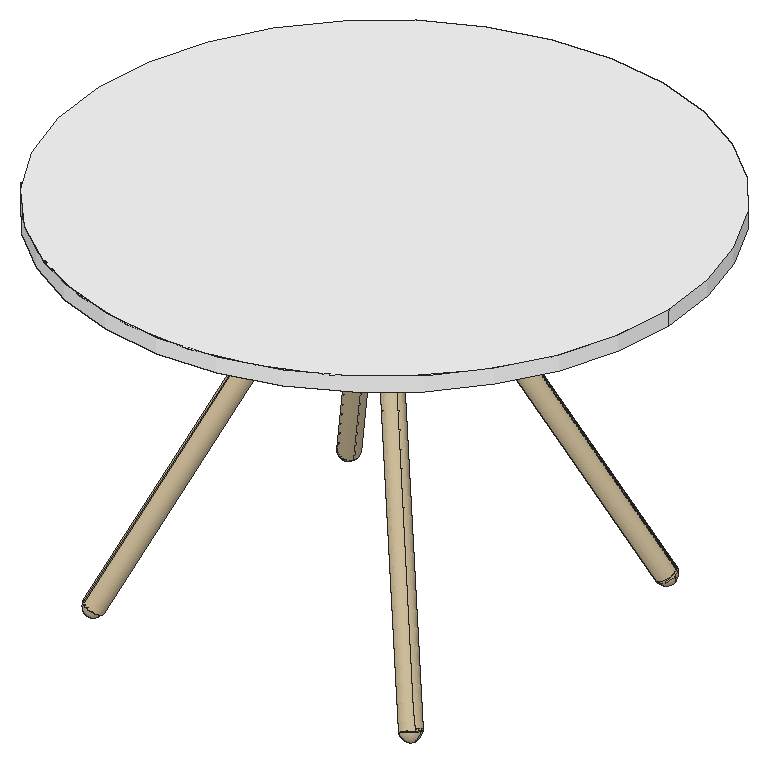
Revit family "Forniture_Tables_Plank_Mart-Table-Round-h-73", category Furniture, host Face, Revit 2017
Family settings
  Host = Face
  Cut with Voids When Loaded = No
  Shared = No
  Room Calculation Point = No
Parameters (values of type "Mart Table Round-Mod. 9835-01 (⌀ 120cm)")
  raggio table = 600 mm
  Youtube clip = ""
  Weight Net (Kg) = "0"
  Uniformat II Description = "Movable Furnishings"
  Uniformat II Code = "E2020"
  Uniclass 2015 Name = "Furnishings"
  Uniclass 2015 Code = "EF_40_30"
  Uniclass 2.0 Description = "Fittings, Furnishings And Equipment (Ff&E) And Signage Elements"
  Uniclass 2.0 Code = "EE-35"
  Uniclass 1.4 Description = "Furniture/Equipment"
  Uniclass 1.4 Code = "JN"
  URL = "https://www.plank.it/en/products/"
  UNSPSC Code = "56"
  Technical description = "https://www.plank.it/en/products/tables/mart-table-round/"
  Table top = plank -White plastic
  Table base = Plank-Frassino
  Region South America = "AR, BO, BR, CL, CO, EC, FK, GF, GY, PE, PY, SR, UY, VE"
  Region Oceania = "AS, AU, CK, FJ, FM, GU, KI, MH, MP, NC, NF, NR, NU, NZ, PF, PG, PN, PW, SB, TK, TL, TO, TV, UM, WF, WS, VU"
  Region North America = "AG, AI, AW, BB, BL, BM, BQ, BS, BZ, CA, CR, CU, CW, DM, DO, GD, GL, GP, GT, HN, HT, JM, KN, KY, LC, MF, MQ, MS, MX, NI, PA, PM, PR, SV, SX, TC, TT, US, VC, VG, VI"
  Region Middle East = "AE, AF, BH, EG, IL, IQ, IR, JO, KW, LB, OM, PS, QA, SA, SY, TR, YE"
  Region Europe = "AD, AL, AT, AX, BA, BE, BG, BY, CH, CY, CZ, DE, DK, EE, ES, FI, FO, FR, GB, GG, GI, GR, HR, HU, IE, IM, IS, IT, JE, LI, LT, LU, LV, MC, MD, ME, MK, MT, NL, NO, PL, PT, RO, RS, RU, SE, SI, SJ, SK, SM, UA, VA"
  Region Asia = "AM, AZ, BD, BN, BT, CC, CN, CX, GE, HK, ID, IN, IO, JP, KG, KH, KP, KR, KZ, LA, LK, MM, MN, MO, MV, MY, NP, PH, PK, SG, TH, TJ, TM, TW, UZ, VN"
  Region Antarctica = "AQ, BV, GS, HM, TF"
  Region Africa = "AO, BF, BI, BJ, BW, CD, CF, CG, CI, CM, CV, DJ, DZ, EH, ER, ET, GA, GH, GM, GN, GQ, GW, KE, KM, LR, LS, LY, MA, MG, ML, MR, MU, MW, MZ, NA, NE, NG, RE, RW, SC, SD, SH, SL, SN, SO, SS, ST, SZ, TD, TG, TN, TZ, UG, YT, ZA, ZM, ZW"
  QR code = "http://bimobject.com/plank/product/Mart-Table-Round-h-73"
  Product url = "https://www.plank.it/en/products/tables/mart-table-round/"
  Product group = "Table "
  Product family = "Mart "
  Product data url = "https://bimobject.com/plank/product/Mart-Table-Round-h-73"
  Product certification = ""
  Product SKU = "Mart-Table-Round-h-73"
  Product Guid = "839c8401-24bc-4822-aa6f-0405cfce8a78"
  OmniClass Description = "Furnishings, Fixtures and Equipment Products"
  OmniClass Code = "23-21 00 00"
  Nominal width = 0 mm
  Nominal height = 730 mm
  NBS Reference Description = "Fittings, Furnishings And Equipment (Ff&E) Products"
  NBS Reference Code = "31"
  Material secondary = "Laminate"
  Material main = "Aluminium"
  Masterformat 2014 Description = "Furnishings"
  Masterformat 2014 Code = "12 00 00"
  Manufacturer name = "PLANK"
  Manufacturer country = "Italy"
  Installation instructions = ""
  IFC Classification = "Furnishing Element"
  Edition number = 1
  EAN code = ""
  Design country = "Italy"
  Default Elevation = 1219.2 mm
  Manufacturer = "Plank S.r.l.\r\nVia Nazionale, 35\r\nI-39040 Ora (BZ)\r\nTel. +39 0471 803 500\r\nFax +39 0471 803 599"
  Model = "Mart Table Round-Mod. 9835-01 (⌀ 120cm)"
  Link modell = "https://www.plank.it/en/products/tables/mart-table-round/"
  Date of publishing = ""
  Coupling = Plank- White
  COBIe Type Category = ""
  Brand url = "http://www.plank.it"
  BIMobject main category code = "furniture"
  BIMobject main category = "Furniture"
  BIMobject category code = "furniture-tables"
  BIMobject category = "Tables"
Types (3, lengths in mm): name | raggio table | URL | Model | Link modell
  (no name) | 600 | "https://www.plank.it/en/products/" | "Mart Table Round-Mod. 9835-01 (⌀ 120cm)" | "https://www.plank.it/en/products/tables/mart-table-round/"
  Mart Table Ruond-Mod. 9834-01 (⌀ 110cm) | 550 | "https://www.plank.it/it/prodotti/" | "Mart Table Ruond-Mod. 9834-01 (⌀ 110cm)" | "https://www.plank.it/it/prodotti/tavoli/mart-table-round/"
  Mart Table Round-Mod. 9835-01 (⌀ 120cm) | 600 | "https://www.plank.it/en/products/" | "Mart Table Round-Mod. 9835-01 (⌀ 120cm)" | "https://www.plank.it/en/products/tables/mart-table-round/"
Reference planes
  plane 1 "Centro (Fronte/Retro)": y = 0
  plane 2: z = 0
  plane 3 "Centro (Sinistra/Destra)": x = 0
Forms (mm)
  Sweep 1, solid, material "Plank-Frassino" <- "Table base"
    path origin (-7.816, -141.09, 4.673) x (0.858566, 0.512691, 0.0036) y (-0.077961, 0.123609, 0.989264)
      loop
        line (-379.785, 10.696) -> (31.037, 737.642)
    profile origin (-186.698, -184.24, 374.197) x (-0.785819, -0.38553, 0.483585) y (0.506742, -0.849629, 0.146097)
      loop
        circle (0, 0) r 17
      loop
        circle (0, 0) r 20
  Revolve 2, solid, material "Plank-Frassino" <- "Table base"
    sketch origin (-24.284, -394.042, -160.717) x (0.882948, -0.152845, -0.443894) y (0.469472, 0.28746, 0.834843)
      loop
        line (-364.042, -0.301) -> (-364.042, 2.843)
        arc (-364.042, 2.843) -> (-373.278, 9.074) -> (-378.03, 19.151) r 21.014
        line (-378.03, 19.151) -> (-381.07, 19.151)
        arc (-381.07, 19.151) -> (-375.397, 6.938) -> (-364.042, -0.301) r 24.014
      axis (-361.095, 19.151) -> (-361.095, -0.301)
    angle from 0 to 360
  Sweep 3, solid, material "Plank-Frassino" <- "Table base"
    path origin (7.816, -141.09, 4.673) x (-0.858566, 0.512691, 0.0036) y (-0.077961, -0.123609, -0.989264)
      loop
        line (-379.785, -10.696) -> (31.037, -737.642)
    profile origin (186.698, -184.24, 374.197) x (-0.785819, 0.38553, -0.483585) y (-0.506742, -0.849629, 0.146097)
      loop
        circle (0, 0) r 17
      loop
        circle (0, 0) r 20
  Revolve 4, solid, material "Plank-Frassino" <- "Table base"
    sketch origin (24.284, -394.042, -160.717) x (-0.882948, -0.152845, -0.443894) y (0.469472, -0.28746, -0.834843)
      loop
        arc (-364.042, 0.301) -> (-375.397, -6.938) -> (-381.07, -19.151) r 24.014
        line (-381.07, -19.151) -> (-378.03, -19.151)
        arc (-378.03, -19.151) -> (-373.278, -9.074) -> (-364.042, -2.843) r 21.014
        line (-364.042, -2.843) -> (-364.042, 0.301)
      axis (-361.095, -19.151) -> (-361.095, 0.301)
    angle from 0 to 360
  Sweep 5, solid, material "Plank-Frassino" <- "Table base"
    path origin (-8.73, 147.767, 4.673) x (0.858566, -0.512691, 0.0036) y (0.077961, 0.123609, -0.989264)
      loop
        line (-379.785, -10.696) -> (31.037, -737.642)
    profile origin (-187.612, 190.916, 374.197) x (0.785819, -0.38553, -0.483585) y (0.506742, 0.849629, 0.146097)
      loop
        circle (0, 0) r 17
      loop
        circle (0, 0) r 20
  Revolve 6, solid, material "Plank-Frassino" <- "Table base"
    sketch origin (-25.199, 400.719, -160.717) x (0.882948, 0.152845, -0.443894) y (-0.469472, 0.28746, -0.834843)
      loop
        arc (-364.042, 0.301) -> (-375.397, -6.938) -> (-381.07, -19.151) r 24.014
        line (-381.07, -19.151) -> (-378.03, -19.151)
        arc (-378.03, -19.151) -> (-373.278, -9.074) -> (-364.042, -2.843) r 21.014
        line (-364.042, -2.843) -> (-364.042, 0.301)
      axis (-361.095, -19.151) -> (-361.095, 0.301)
    angle from 0 to 360
  Sweep 7, solid, material "Plank-Frassino" <- "Table base"
    path origin (8.73, 147.767, 4.673) x (-0.858566, -0.512691, 0.0036) y (0.077961, -0.123609, 0.989264)
      loop
        line (-379.785, 10.696) -> (31.037, 737.642)
    profile origin (187.612, 190.916, 374.197) x (0.785819, 0.38553, 0.483585) y (-0.506742, 0.849629, 0.146097)
      loop
        circle (0, 0) r 17
      loop
        circle (0, 0) r 20
  Revolve 8, solid, material "Plank-Frassino" <- "Table base"
    sketch origin (25.199, 400.719, -160.717) x (-0.882948, 0.152845, -0.443894) y (-0.469472, -0.28746, 0.834843)
      loop
        line (-364.042, -0.301) -> (-364.042, 2.843)
        arc (-364.042, 2.843) -> (-373.278, 9.074) -> (-378.03, 19.151) r 21.014
        line (-378.03, 19.151) -> (-381.07, 19.151)
        arc (-381.07, 19.151) -> (-375.397, 6.938) -> (-364.042, -0.301) r 24.014
      axis (-361.095, 19.151) -> (-361.095, -0.301)
    angle from 0 to 360
  Sweep 9, solid, material "plank -White plastic" <- "Table top"
    path origin (11.407, -0.59, 564.451) x (1, 0, 0) y (0, 1, 0)
      loop
        line (-114.663, 104.265) -> (101.004, -111.403)
    profile origin (4.577, -4.159, 564.451) x (0.707107, 0.707107, 0) y (0, 0, 1)
      loop
        circle (0, 0) r 17
  Sweep 10, solid, material "plank -White plastic" <- "Table top"
    path origin (-11.407, -0.59, 564.451) x (-1, 0, 0) y (0, -1, 0)
      loop
        line (-114.663, -104.265) -> (101.004, 111.403)
    profile origin (-4.577, -4.159, 564.451) x (0.707107, -0.707107, 0) y (0, 0, 1)
      loop
        circle (0, 0) r 17
  Extrusion 11, solid, material "plank -White plastic" <- "Table top"
    sketch origin (0, 15, 0) x (1, 0, 0) y (0, 1, 0)
      loop
        circle (0, 0) r 600
    from 721.262 to 751.298
  Revolve 12, solid, material "Plank- White" <- "Coupling"
    sketch origin (0, 0, 0) x (1, 0, 0) y (0, 0, 1)
      loop
        line (-5.82, 721.262) -> (-139.801, 721.262) -> (-139.801, 716.738) -> (-93.113, 716.738) -> (-50.82, 692.32) -> (-5.82, 692.32) -> (-5.82, 721.262)
      axis (0, 721.262) -> (0, 692.32)
    angle from 0 to 360
Dimensions and locks
  "raggio table": radius of Extrusion 11 sketch curve
  aligned and locked: plane 2 to host face
  aligned and locked: level to host face
Automatic sketch dimensions
  host sketch curve to host sketch curve = 2438.4 mm  (x2)
  Sweep 1 sketch curve to Sweep 1 sketch curve = 410.821 mm
  Sweep 1 sketch curve to Sweep 1 sketch curve = 726.946 mm
  Sweep 1 sketch curve to Sweep 1 sketch curve = 0 mm  (x2)
  Sweep 1 sketch curve to profile plane = 0 mm
  profile plane to Sweep 1 sketch curve = 0 mm
  Revolve 2 sketch curve to Revolve 2 sketch curve = 0 mm  (x4)
  Revolve 2 sketch curve to Revolve 2 sketch curve = 3.039 mm
  Revolve 2 sketch curve to Revolve 2 sketch curve = 13.989 mm
  Revolve 2 sketch curve to Revolve 2 sketch curve = 6.714 mm
  Revolve 2 sketch curve to Revolve 2 sketch curve = 16.308 mm
  Revolve 2 sketch curve to Revolve 2 sketch curve = 2.947 mm
  Revolve 2 sketch curve to Revolve 2 sketch curve = 7.625 mm
  Revolve 2 sketch curve to Revolve 2 sketch curve = 3.604 mm
  Sweep 3 sketch curve to Sweep 3 sketch curve = 410.821 mm
  Sweep 3 sketch curve to Sweep 3 sketch curve = 726.946 mm
  Sweep 3 sketch curve to Sweep 3 sketch curve = 0 mm  (x2)
  profile plane to Sweep 3 sketch curve = 0 mm  (x2)
  Revolve 4 sketch curve to Revolve 4 sketch curve = 0 mm  (x2)
  plane 3 "Centro (Sinistra/Destra)" to Revolve 4 sketch curve = 351.758 mm
  Revolve 4 sketch curve to Revolve 4 sketch curve = 3.039 mm
  Revolve 4 sketch curve to Revolve 4 sketch curve = 13.989 mm
  Revolve 4 sketch curve to Revolve 4 sketch curve = 6.714 mm
  Revolve 4 sketch curve to Revolve 4 sketch curve = 3.604 mm  (x2)
  Revolve 4 sketch curve to Revolve 4 sketch curve = 2.947 mm
  Revolve 4 sketch curve to Revolve 4 sketch curve = 7.625 mm
  Sweep 5 sketch curve to Sweep 5 sketch curve = 410.821 mm
  Sweep 5 sketch curve to Sweep 5 sketch curve = 726.946 mm
  Sweep 5 sketch curve to Sweep 5 sketch curve = 0 mm  (x2)
  Sweep 5 sketch curve to profile plane = 0 mm  (x2)
  Revolve 6 sketch curve to Revolve 6 sketch curve = 0 mm  (x4)
  Revolve 6 sketch curve to Revolve 6 sketch curve = 3.039 mm
  Revolve 6 sketch curve to Revolve 6 sketch curve = 13.989 mm
  Revolve 6 sketch curve to Revolve 6 sketch curve = 6.714 mm
  Revolve 6 sketch curve to Revolve 6 sketch curve = 3.604 mm  (x2)
  Revolve 6 sketch curve to Revolve 6 sketch curve = 2.947 mm
  Revolve 6 sketch curve to Revolve 6 sketch curve = 7.625 mm
  Sweep 7 sketch curve to Sweep 7 sketch curve = 410.821 mm
  Sweep 7 sketch curve to Sweep 7 sketch curve = 726.946 mm
  Sweep 7 sketch curve to Sweep 7 sketch curve = 0 mm  (x2)
  profile plane to Sweep 7 sketch curve = 0 mm
  Sweep 7 sketch curve to profile plane = 0 mm
  Revolve 8 sketch curve to Revolve 8 sketch curve = 0 mm  (x2)
  plane 3 "Centro (Sinistra/Destra)" to Revolve 8 sketch curve = 352.672 mm
  Revolve 8 sketch curve to Revolve 8 sketch curve = 3.039 mm
  Revolve 8 sketch curve to Revolve 8 sketch curve = 13.989 mm
  Revolve 8 sketch curve to Revolve 8 sketch curve = 6.714 mm
  Revolve 8 sketch curve to Revolve 8 sketch curve = 16.308 mm
  Revolve 8 sketch curve to Revolve 8 sketch curve = 2.947 mm
  Revolve 8 sketch curve to Revolve 8 sketch curve = 7.625 mm
  Revolve 8 sketch curve to Revolve 8 sketch curve = 3.604 mm
  Sweep 9 sketch curve to plane 3 "Centro (Sinistra/Destra)" = 103.257 mm
  plane 1 "Centro (Fronte/Retro)" to Sweep 9 sketch curve = 111.993 mm
  plane 3 "Centro (Sinistra/Destra)" to Sweep 9 sketch curve = 112.411 mm
  Sweep 9 sketch curve to plane 1 "Centro (Fronte/Retro)" = 103.675 mm
  Sweep 9 sketch curve to profile plane = 0 mm  (x2)
  plane 3 "Centro (Sinistra/Destra)" to Sweep 10 sketch curve = 103.257 mm
  Sweep 10 sketch curve to plane 1 "Centro (Fronte/Retro)" = 103.675 mm
  Sweep 10 sketch curve to plane 3 "Centro (Sinistra/Destra)" = 112.411 mm
  plane 1 "Centro (Fronte/Retro)" to Sweep 10 sketch curve = 111.993 mm
  Sweep 10 sketch curve to profile plane = 0 mm  (x2)
  Revolve 12 sketch curve to plane 3 "Centro (Sinistra/Destra)" = 0 mm
  Revolve 12 sketch curve to plane 3 "Centro (Sinistra/Destra)" = 5.82 mm
  Revolve 12 sketch curve to Revolve 12 sketch curve = 45 mm
  Revolve 12 sketch curve to Revolve 12 sketch curve = 42.294 mm
  Revolve 12 sketch curve to Revolve 12 sketch curve = 46.687 mm
  level to Revolve 12 sketch curve = 692.32 mm
  Revolve 12 sketch curve to Revolve 12 sketch curve = 24.418 mm
  Revolve 12 sketch curve to Revolve 12 sketch curve = 4.525 mm
  Revolve 12 sketch curve to Revolve 12 sketch curve = 7.494 mm
  Revolve 12 sketch curve to Revolve 12 sketch curve = 7.506 mm
  Revolve 2 sketch curve to plane 3 "Centro (Sinistra/Destra)" = 351.758 mm
  Revolve 6 sketch curve to plane 3 "Centro (Sinistra/Destra)" = 352.672 mm
  Extrusion 11 sketch curve to plane 3 "Centro (Sinistra/Destra)" = 0 mm
  Extrusion 11 sketch curve to plane 1 "Centro (Fronte/Retro)" = 15 mm
  radius of Sweep 1 sketch curve = 17 mm
  radius of Sweep 1 sketch curve = 20 mm
  radius of Sweep 3 sketch curve = 17 mm
  radius of Sweep 3 sketch curve = 20 mm
  radius of Sweep 5 sketch curve = 17 mm
  radius of Sweep 5 sketch curve = 20 mm
  radius of Sweep 7 sketch curve = 17 mm
  radius of Sweep 7 sketch curve = 20 mm
  radius of Sweep 9 sketch curve = 17 mm
  radius of Sweep 10 sketch curve = 17 mm
